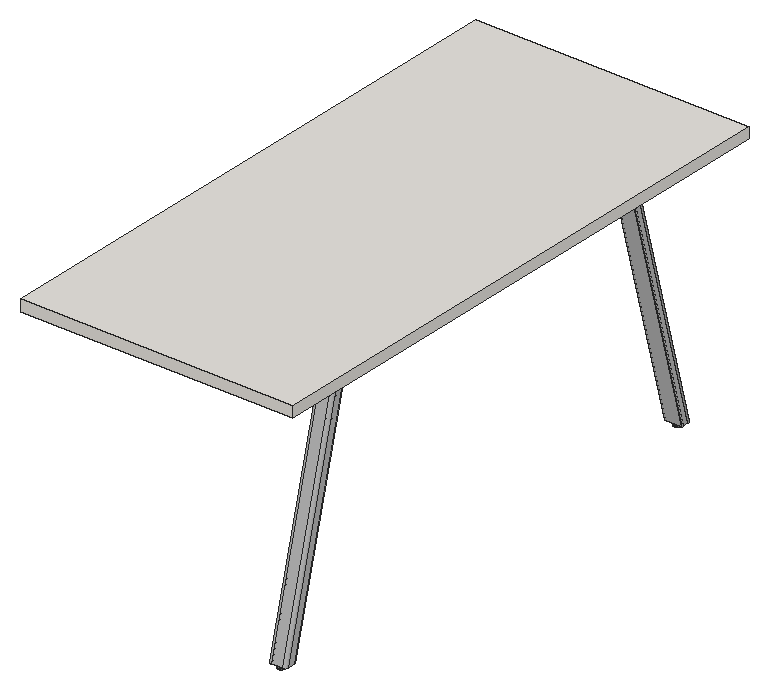
Revit family "Haworth_Intuity_Benching_BenchEnd", category Furniture Systems, Revit 2018
Family settings
  Round Connector Dimension = Use Diameter
  Part Type = Normal
  OmniClass Number = 23.40.70.14.64.21
  OmniClass Title = Systems Furniture
  Work Plane-Based = No
  Always vertical = Yes
  Cut with Voids When Loaded = No
  Shared = No
  Room Calculation Point = No
Parameters (values of type "63d 30w - Angled Leg")
  Worksurface Finish [instance] = Haworth _ Laminate _ Linen H-WL
  Width = 30"
  Warranty = "http://www.haworth.com/resources/product-info/warranties"
  URL - Product = "http://www.haworth.com/products/workspaces/benching/intuity"
  URL = "www.haworth.com"
  Top Thickness = 1 3/16"  # constant formula
  Sustainability Info = "https://www.haworth.com/company-info/sustainability"
  Straight Leg = no
  Standard Widths = "24, 30 inches"  # constant formula
  Standard Depths = "51, 63 inches"  # constant formula
  Min Width = 24"  # constant formula
  Max Width = 30"  # constant formula
  Leg Offset Width = 4 1/2"  # constant formula
  Leg Height = 28"  # constant formula
  Leg Finish [instance] = Haworth _ Paint _ Metallic Silver
  Knife Edge [instance] = not(Edgeband)  # no
  Size = "Verify Final Dim. w/ Haworth"  # constant formula
  Revision Number = "4"  # constant formula
  Model = "Haworth Intuity"  # constant formula
  Manufacturer = "Haworth"  # constant formula
  Edgeband [instance] = yes
  Description = "Haworth - Intuity Benching - Bench End"  # constant formula
  Custom Size = not(or(Width = 48", Width = 54", Width = 60"))  # yes
  Leg Offset Depth = 3 1/2"  # constant formula
  Author = "Haworth (Hampton, Alias)"  # constant formula
  Assembly Code = "E2020200"
  Angled Leg = not(Straight Leg)  # yes
  Actual Worksurface Depth = if([63 Depth], 62 13/16", 50 13/16")  # 62 13/16"
  Actual Width = if(Width > Max Width, Max Width, if(Width < Min Width, Min Width, Width))  # 30"
  Actual Height = 29 3/16"  # constant formula
  63 Depth = not([51 Depth])  # yes
  51 Depth = no
Types (8): name | Width | Straight Leg | Knife Edge | Edgeband | Angled Leg | Actual Worksurface Depth | Actual Width | 63 Depth | 51 Depth
  51d 24w - Straight Leg | 24" | yes | yes | no | no | 50 13/16" | 24" | no | yes
  51d 30w - Straight Leg | 30" | yes | yes | no | no | 50 13/16" | 30" | no | yes
  63d 24w - Straight Leg | 24" | yes | yes | no | no | 62 13/16" | 24" | yes | no
  63d 30w - Straight Leg | 30" | yes | yes | no | no | 62 13/16" | 30" | yes | no
  63d 30w - Angled Leg | 30" | no | no | yes | yes | 62 13/16" | 30" | yes | no
  63d 24w - Angled Leg | 24" | no | yes | no | yes | 62 13/16" | 24" | yes | no
  51d 30w - Angled Leg | 30" | no | yes | no | yes | 50 13/16" | 30" | no | yes
  51d 24w - Angled Leg | 24" | no | yes | no | yes | 50 13/16" | 24" | no | yes
Reference planes (in)
  plane 1: z = 0
  plane 2 "Center L/R": x = 8.5
  plane 3 "Left Edge": x = -6.5
  plane 4 "Right Edge": x = 23.5
  plane 5 "Support Top": z = 29.1875
  plane 6 "Back": y = -7.86431
  plane 7 "Front": y = -70.67681
  plane 8 "Right Leg Offset": x = 19
  plane 9 "Leg Front": y = -67.17681
  plane 10: z = 28
  plane 11 "Back Leg": y = -11.36431
  plane 12 "Center Depth": y = -39.27056
Dimensions and locks (in)
  "Actual Width": plane 3 "Left Edge" to plane 4 "Right Edge"
  equal spacing: plane 3 "Left Edge", plane 2 "Center L/R", plane 4 "Right Edge"
  "Actual Height": plane 5 "Support Top" to level
  "Actual Worksurface Depth": plane 7 "Front" to plane 6 "Back"
  "Leg Offset Width": plane 8 "Right Leg Offset" to plane 4 "Right Edge"
  "Top Thickness": plane 5 "Support Top" to plane 10
  "Leg Offset Depth": plane 6 "Back" to plane 11 "Back Leg"
  "Leg Offset Depth": plane 7 "Front" to plane 9 "Leg Front"
  equal spacing: plane 7 "Front", plane 12 "Center Depth", plane 6 "Back"
  aligned and locked: plane 2 "Center L/R" to nested 1
  aligned and locked: plane 7 "Front" to nested 1
  aligned and locked: nested 2 to plane 8 "Right Leg Offset"
  aligned and locked: plane 9 "Leg Front" to nested 2
  aligned and locked: plane 8 "Right Leg Offset" to nested 3
  aligned and locked: plane 11 "Back Leg" to nested 3
  aligned and locked: plane 1 to nested 4
  aligned and locked: nested 5 to plane 1
  aligned and locked: plane 1 to nested 2
  aligned and locked: nested 3 to plane 1
  aligned and locked: nested 5 to plane 9 "Leg Front"
  aligned and locked: nested 5 to plane 8 "Right Leg Offset"
  aligned and locked: nested 4 to plane 11 "Back Leg"
  aligned and locked: plane 8 "Right Leg Offset" to nested 4
Nested families (in)
  nested 1: "Haworth_Intuity_Worksurfaces_End_Part" at (0, -31.40625, 28), built-in parameter 1001364 <- "Leg Height", type "End"
  nested 2: "Haworth_Intuity_Bench_End_Leg_Part" at (10.5, -55.625, 0), visible <- "Straight Leg", type "Support"
  nested 3: "Haworth_Intuity_Bench_End_Leg_Part" at (10.5, -22.91612, 0), visible <- "Straight Leg", type "Support"
  nested 4: "Haworth_Intuity_AngledLeg_Part" at (27.5, -19.82807, 0) x (-1, 0, 0) z (0, 0, 1), visible <- "Angled Leg", type "Support"
  nested 5: "Haworth_Intuity_AngledLeg_Part" at (27.5, -58.71305, 0) x (-1, 0, 0) z (0, 0, 1), visible <- "Angled Leg", type "Support"
Definition of nested family "Haworth_Intuity_Worksurfaces_End_Part"
  Parameters (values of type "End")
    Warranty = "http://www.haworth.com/bottom-nav/product-info/warranty-info"
    URL - Product = "http://www.haworth.com/home/systems/benching/intuity"
    URL = "www.haworth.com"
    Knife Edge Void Length = if(Edgeband, 1", 3")  # 1"
    Knife Edge = not(Edgeband)  # no
    Finish = none
    Size = "Verify Final Dim. w/ Haworth"  # constant formula
    Revision Number = "1"  # constant formula
    Model = "Haworth_Intuity_Worksurfaces_End_Part"  # constant formula
    Manufacturer = "Haworth"  # constant formula
    Edgeband = yes
    Description = "Haworth_Intuity_Worksurfaces_End_Part"
    Author = "Haworth (Hampton)"  # constant formula
    Assembly Code = "E2020200"
    Actual Width = 30"
    Actual Height = 1 3/16"  # constant formula
    Actual Depth = 62 13/16"
  Reference planes (in)
    plane 1: z = 0
    plane 2 "Center L/R": x = 8.5
    plane 3 "Left Edge": x = -6.5
    plane 4 "Right Edge": x = 23.5
    plane 5 "Support Top": z = 1.1875
    plane 6 "Center F/B": y = -7.86431
    plane 7 "Back": y = 23.54194
    plane 8 "Front": y = -39.27056
    plane 9 "Knife Edge": y = -37.27056
    plane 10 "Knife Edge Seam": z = 0.8125
    plane 11 "Void Left": x = -9.5
    plane 12 "Void Right": x = 26.5
    plane 13 "Knife Edge Back": y = 21.54194
    plane 14 "Knife Edge Left": x = 21.5
    plane 15 "Void Back": y = 26.54194
    plane 16 "Void Front": y = -42.27056
    plane 17: through (0, 28.4791, -0.41989) normal (0, 0.3764, -0.9265)
    plane 18: through (0, 22.29469, -1.85293) normal (0, 0.3764, -0.9265)
    plane 19: through (0, -35.98762, -3.7593) normal (0, 0.3764, 0.9265)
    plane 20: through (0, -35.37943, -2.92701) normal (0, 0.3764, 0.9265)
    plane 21: through (15.31102, -180, -5.75238) normal (-0.3764, 0, 0.9265)
    plane 22: through (14.93464, -180, -4.82592) normal (-0.3764, 0, 0.9265)
  Forms (in)
    Extrusion 1, solid, material <- "Finish"
      sketch origin (0, 0, 0) x (1, 0, 0) y (0, 1, 0)
        loop
          line (-6.5, 23.54194) -> (-6.5, -39.27056) -> (23.5, -39.27056) -> (23.5, 23.54194) -> (-6.5, 23.54194)
      from 0 to 1.1875
    Extrusion 2, void
      sketch origin (-6.5, 0, 0) x (0, -1, 0) y (0, 0, 1)
        loop
          line (36.79396, -2.35236) -> (37.17034, -3.27882) -> (51.76219, 2.64912) -> (51.38581, 3.57558) -> (36.79396, -2.35236)
      from -33 to 3
    Extrusion 3, void
      sketch origin (-6.5, -15.72862, 0) x (0, 1, 0) y (0, 0, -1)
        loop
          line (44.88718, -0.93551) -> (45.26356, -0.00905) -> (42.04765, 1.29742) -> (41.67128, 0.37095) -> (44.88718, -0.93551)
      from -33 to 3
    Extrusion 4, void
      sketch origin (-11.36431, -32.61431, 0) x (1, 0, 0) y (0, 0, -1)
        loop
          line (22.12539, 6.52142) -> (48.74795, -4.29399) -> (49.12432, -3.36752) -> (22.50177, 7.44789) -> (22.12539, 6.52142)
      from -9.65625 to 59.15625
  Cuts and joins
    Extrusion 2, Extrusion 3, Extrusion 4 cuts Extrusion 1
  Lines and regions (in)
    Masking region 1
      outline origin (0, 0, 0) x (1, 0, 0) y (0, 1, 0)
        loop
          line (-6.5, 23.54194) -> (-6.5, -39.27056) -> (23.5, -39.27056) -> (23.5, 23.54194) -> (-6.5, 23.54194)
  Dimensions and locks (in)
    "Actual Width": plane 3 "Left Edge" to plane 4 "Right Edge"
    equal spacing: plane 3 "Left Edge", plane 2 "Center L/R", plane 4 "Right Edge"
    "Actual Height": plane 5 "Support Top" to level
    equal spacing: plane 8 "Front", plane 6 "Center F/B", plane 7 "Back"
    "Actual Depth": plane 8 "Front" to plane 7 "Back"
    locked: plane 8 "Front" to plane 9 "Knife Edge" at 2
    locked: plane 5 "Support Top" to plane 10 "Knife Edge Seam" at 0.375
    plane 11 "Void Left" to plane 3 "Left Edge" = 3"
    plane 4 "Right Edge" to plane 12 "Void Right" = 3"
    plane 13 "Knife Edge Back" to plane 7 "Back" = 2"
    plane 9 "Knife Edge" to plane 8 "Front" = 2"
    plane 14 "Knife Edge Left" to plane 4 "Right Edge" = 2"
    plane 15 "Void Back" to plane 7 "Back" = 3"
    plane 16 "Void Front" to plane 8 "Front" = 3"
    "Knife Edge Void Length": plane 17 to plane 18
    "Knife Edge Void Length": plane 20 to plane 19
    "Knife Edge Void Length": plane 22 to plane 21
    aligned and locked: Masking region 1 sketch curve to plane 3 "Left Edge"
    aligned and locked: Masking region 1 sketch curve to plane 4 "Right Edge"
    aligned and locked: Masking region 1 sketch curve to plane 7 "Back"
    aligned and locked: Masking region 1 sketch curve to plane 8 "Front"
    aligned and locked: Extrusion 1 sketch curve to plane 4 "Right Edge"
    aligned and locked: Extrusion 1 sketch curve to plane 3 "Left Edge"
    aligned and locked: Extrusion 1 sketch curve to plane 7 "Back"
    aligned and locked: Extrusion 1 sketch curve to plane 8 "Front"
    aligned and locked: Extrusion 1 to plane 1
    aligned and locked: plane 5 "Support Top" to Extrusion 1
    aligned and locked: cut or joined group of Extrusion 1, Extrusion 2, Extrusion 3, Extrusion 4 to plane 12 "Void Right"
    aligned and locked: plane 11 "Void Left" to Extrusion 2
    aligned and locked: Extrusion 3 to plane 11 "Void Left"
    aligned and locked: plane 12 "Void Right" to Extrusion 3
    aligned and locked: Extrusion 4 to plane 15 "Void Back"
    aligned and locked: plane 16 "Void Front" to Extrusion 4
    aligned and locked: Extrusion 3 sketch curve to plane 18
    aligned and locked: Extrusion 3 sketch curve to plane 17
    aligned and locked: Extrusion 2 sketch curve to plane 19
    aligned and locked: Extrusion 2 sketch curve to plane 20
    aligned and locked: Extrusion 4 sketch curve to plane 21
    aligned and locked: Extrusion 4 sketch curve to plane 22
  Automatic sketch dimensions
    plane 9 "Knife Edge" to Extrusion 2 sketch curve = 0.4766"
    plane 5 "Support Top" to Extrusion 2 sketch curve = 2.38808"
    level to Extrusion 3 sketch curve = 0.37095"
    Extrusion 3 sketch curve to plane 10 "Knife Edge Seam" = 0.12301"
    plane 2 "Center L/R" to Extrusion 4 sketch curve = 2.26108"
    plane 5 "Support Top" to Extrusion 4 sketch curve = 3.10649"
Definition of nested family "Haworth_Intuity_Bench_End_Leg_Part"
  Parameters (values of type "Support")
    URL = "www.haworth.com"
    Support Thickness = 2"  # constant formula
    Support Height = 28"  # constant formula
    Support Finish = none
    Size = "Verify Final Dim. w/ Haworth"  # constant formula
    Revision Number = "1"  # constant formula
    Model = "Haworth_Intuity_Bench_End_Leg_Part"  # constant formula
    Manufacturer = "Haworth"  # constant formula
    Leg Depth = 1 1/4"  # constant formula
    Description = "Haworth_Intuity_Bench_End_Leg_Part"
    Author = "Haworth (Hampton)"  # constant formula
    Assembly Code = "E2020200"
  Reference planes (in)
    plane 1: z = 0
    plane 2 "Center L/R": x = 8.5
    plane 3 "Support Left Edge": x = 7.5
    plane 4 "Support Right Edge": x = 9.5
    plane 5 "Support Top": z = 28
    plane 6 "Leg Outside": y = -11.55181
    plane 7 "Leg Inside": y = -10.30181
  Forms (in)
    Extrusion 1, solid, material <- "Support Finish"
      sketch origin (0, 0, 0) x (1, 0, 0) y (0, 1, 0)
        loop
          line (7.5, -10.30181) -> (7.5, -11.17681)
          arc (7.5, -11.17681) -> (7.60983, -11.44198) -> (7.875, -11.55181) r 0.375
          line (7.875, -11.55181) -> (9.125, -11.55181)
          arc (9.125, -11.55181) -> (9.39017, -11.44198) -> (9.5, -11.17681) r 0.375
          line (9.5, -11.17681) -> (9.5, -10.30181) -> (7.5, -10.30181)
      from 0 to 28
  Lines and regions (in)
    symbolic lines, detail levels medium+fine
      curve 1: line (7.5, -10.30181, 0) -> (9.5, -10.30181, 0)
      curve 2: line (7.5, -11.55181, 0) -> (7.5, -10.30181, 0)
      curve 3: line (9.5, -11.55181, 0) -> (7.5, -11.55181, 0)
      curve 4: line (9.5, -10.30181, 0) -> (9.5, -11.55181, 0)
  Dimensions and locks (in)
    "Support Thickness": plane 3 "Support Left Edge" to plane 4 "Support Right Edge"
    equal spacing: plane 3 "Support Left Edge", plane 2 "Center L/R", plane 4 "Support Right Edge"
    "Support Height": plane 5 "Support Top" to level
    "Leg Depth": plane 7 "Leg Inside" to plane 6 "Leg Outside"
    aligned and locked: Extrusion 1 sketch curve to plane 4 "Support Right Edge"
    aligned and locked: Extrusion 1 sketch curve to plane 3 "Support Left Edge"
    aligned and locked: Extrusion 1 sketch curve to plane 7 "Leg Inside"
    aligned and locked: plane 6 "Leg Outside" to Extrusion 1 sketch curve
    aligned and locked: Extrusion 1 to level
    aligned and locked: plane 6 "Leg Outside" to curve 3
    aligned and locked: plane 5 "Support Top" to Extrusion 1
  Automatic sketch dimensions
    plane 3 "Support Left Edge" to curve 3 = 0"
    plane 4 "Support Right Edge" to curve 3 = 0"
    Extrusion 1 sketch curve to plane 3 "Support Left Edge" = 3/8"
    Extrusion 1 sketch curve to plane 4 "Support Right Edge" = 3/8"
    plane 7 "Leg Inside" to curve 2 = 0"
Definition of nested family "Haworth_Intuity_AngledLeg_Part"
  Parameters (values of type "Support")
    URL = "www.haworth.com"
    Support Thickness = 2"  # constant formula
    Support Inset = 1/4"  # constant formula
    Support Height = 28"  # constant formula
    Support Finish = none
    Size = "Verify Final Dim. w/ Haworth"  # constant formula
    Revision Number = "1"  # constant formula
    Model = "Haworth_Intuity"  # constant formula
    Manufacturer = "Haworth"  # constant formula
    Glide Finish = none
    Description = "Haworth_Intuity_Angled Leg"
    Author = "Haworth (Alias)"  # constant formula
    Assembly Code = "E2020200"
  Reference planes (in)
    plane 1: z = 0
    plane 2 "Center L/R": x = 8.5
    plane 3 "Support Left Edge": x = 7.5
    plane 4 "Support Right Edge": x = 9.5
    plane 5 "Center F/B": y = -7.83876
    plane 6 "Front": y = -8.46376
    plane 7: z = 0.42194
    plane 8 "Plate Bottom": z = 27.764
    plane 9 "Plate Top": z = 28
    plane 10 "Back": y = 0.05187
  Forms (in)
    Revolve 1, solid, material <- "Glide Finish"
      sketch origin (0, -7.83876, 0) x (0, 0, -1) y (-1, 0, 0)
        loop
          line (-1.37795, -8.5) -> (-1.37795, -8.65748) -> (-0.19685, -8.65748) -> (-0.19685, -8.90182)
          arc (-0.19685, -8.90182) -> (-0.1877, -8.92392) -> (-0.1656, -8.93307) r 0.03125
          line (-0.1656, -8.93307) -> (-0.03125, -8.93307)
          arc (-0.03125, -8.93307) -> (-0.00915, -8.92392) -> (0, -8.90182) r 0.03125
          line (0, -8.90182) -> (0, -8.5) -> (-1.37795, -8.5)
        axis (-1.37795, -8.5) -> (0, -8.5)
      angle from 0 to 360
    Blend 2, solid, material <- "Support Finish"
      base sketch origin (0, 0, 0) x (1, 0, 0) y (0, 1, 0)
        loop
          line (9.42626, -7.23931) -> (7.57374, -7.23931)
          arc (7.57374, -7.23931) -> (7.5322, -7.25651) -> (7.515, -7.29805) r 0.05874
          line (7.515, -7.29805) -> (7.515, -8.07313)
          arc (7.515, -8.07313) -> (7.62941, -8.34935) -> (7.90562, -8.46376) r 0.39063
          line (7.90562, -8.46376) -> (9.09438, -8.46376)
          arc (9.09438, -8.46376) -> (9.37059, -8.34935) -> (9.485, -8.07313) r 0.39063
          line (9.485, -8.07313) -> (9.485, -7.29805)
          arc (9.485, -7.29805) -> (9.4678, -7.25651) -> (9.42626, -7.23931) r 0.05874
      top sketch origin (0, 0, 0) x (1, 0, 0) y (0, 1, 0)
        loop
          line (9.42626, 0.05187) -> (7.57374, 0.05187)
          arc (7.57374, 0.05187) -> (7.5322, 0.03466) -> (7.515, -0.00687) r 0.05874
          line (7.515, -0.00687) -> (7.515, -0.74746)
          arc (7.515, -0.74746) -> (7.62941, -1.02367) -> (7.90562, -1.13808) r 0.39063
          line (7.90562, -1.13808) -> (9.09438, -1.13808)
          arc (9.09438, -1.13808) -> (9.37059, -1.02367) -> (9.485, -0.74746) r 0.39063
          line (9.485, -0.74746) -> (9.485, -0.00687)
          arc (9.485, -0.00687) -> (9.4678, 0.03466) -> (9.42626, 0.05187) r 0.05874
      from 0.42194 to 27.764
    Extrusion 3, solid, material <- "Support Finish"
      sketch origin (0, 0, 0) x (1, 0, 0) y (0, 1, 0)
        loop
          arc (7.65563, 2.66349) -> (7.37941, 2.54908) -> (7.265, 2.27287) r 0.39063
          line (7.265, 2.27287) -> (7.265, -0.94588)
          arc (7.265, -0.94588) -> (7.37941, -1.2221) -> (7.65563, -1.33651) r 0.39063
          line (7.65563, -1.33651) -> (11.87437, -1.33651)
          arc (11.87437, -1.33651) -> (12.15059, -1.2221) -> (12.265, -0.94588) r 0.39063
          line (12.265, -0.94588) -> (12.265, 2.27287)
          arc (12.265, 2.27287) -> (12.15059, 2.54908) -> (11.87437, 2.66349) r 0.39063
          line (11.87437, 2.66349) -> (7.65563, 2.66349)
      from 27.764 to 28
  Lines and regions (in)
    Masking region 1, detail levels medium+fine
      outline origin (0, 0, 0) x (1, 0, 0) y (0, 1, 0)
        loop
          line (9.3294, 0.05187) -> (7.67125, 0.05187)
          arc (7.67125, 0.05187) -> (7.56076, 0.0061) -> (7.515, -0.10438) r 0.15625
          line (7.515, -0.10438) -> (7.515, -8.07313)
          arc (7.515, -8.07313) -> (7.62941, -8.34935) -> (7.90562, -8.46376) r 0.39063
          line (7.90562, -8.46376) -> (9.09438, -8.46376)
          arc (9.09438, -8.46376) -> (9.37059, -8.34935) -> (9.485, -8.07313) r 0.39063
          line (9.485, -8.07313) -> (9.485, -0.10373)
          arc (9.485, -0.10373) -> (9.43943, 0.00629) -> (9.3294, 0.05187) r 0.1556
  Dimensions and locks (in)
    "Support Thickness": plane 3 "Support Left Edge" to plane 4 "Support Right Edge"
    equal spacing: plane 3 "Support Left Edge", plane 2 "Center L/R", plane 4 "Support Right Edge"
    plane 9 "Plate Top" to plane 8 "Plate Bottom" = 0.236"
    "Support Height": plane 9 "Plate Top" to plane 1
    locked: plane 5 "Center F/B" to plane 6 "Front" at 0.625
    locked: plane 10 "Back" to plane 6 "Front" at 8.51563
    aligned and locked: Blend 2 sketch curve to plane 6 "Front"
    aligned and locked: Blend 2 to plane 7
    aligned and locked: plane 8 "Plate Bottom" to Blend 2
    aligned and locked: plane 9 "Plate Top" to Extrusion 3
    aligned and locked: Extrusion 3 to plane 8 "Plate Bottom"
  Automatic sketch dimensions
    Revolve 1 sketch curve to plane 2 "Center L/R" = 0"  (x2)
    Revolve 1 sketch curve to level = 0"
    level to Revolve 1 sketch curve = 1/32"
    Revolve 1 sketch curve to Revolve 1 sketch curve = 0.13435"
    level to Revolve 1 sketch curve = 0.19685"
    plane 2 "Center L/R" to Revolve 1 sketch curve = 0.15748"
    Revolve 1 sketch curve to Revolve 1 sketch curve = 1.1811"
    Revolve 1 sketch curve to Revolve 1 sketch curve = 0.24434"
    Revolve 1 sketch curve to Revolve 1 sketch curve = 0.68449"
    Revolve 1 sketch curve to level = 0.80407"
    Blend 2 sketch curve to plane 3 "Support Left Edge" = 0.015"  (x2)
    Blend 2 sketch curve to Blend 2 sketch curve = 0.05874"  (x2)
    Blend 2 sketch curve to plane 3 "Support Left Edge" = 0.40562"  (x2)
    Blend 2 sketch curve to plane 4 "Support Right Edge" = 0.40562"  (x2)
    Blend 2 sketch curve to plane 4 "Support Right Edge" = 0.07374"  (x2)
    Blend 2 sketch curve to plane 4 "Support Right Edge" = 0.015"  (x2)
    Blend 2 sketch curve to Blend 2 sketch curve = 0.74058"
    plane 3 "Support Left Edge" to Extrusion 3 sketch curve = 0.235"
    Extrusion 3 sketch curve to plane 3 "Support Left Edge" = 0.15563"  (x2)
    plane 4 "Support Right Edge" to Extrusion 3 sketch curve = 2.37437"  (x2)
    Extrusion 3 sketch curve to Extrusion 3 sketch curve = 25/64"
    Extrusion 3 sketch curve to Extrusion 3 sketch curve = 3 7/32"
    Masking region 1 sketch curve to plane 6 "Front" = 0"
    Masking region 1 sketch curve to plane 3 "Support Left Edge" = 0.015"
    Masking region 1 sketch curve to Masking region 1 sketch curve = 5/32"
    Masking region 1 sketch curve to plane 3 "Support Left Edge" = 0.40562"
    Masking region 1 sketch curve to plane 4 "Support Right Edge" = 0.40562"
    Masking region 1 sketch curve to plane 4 "Support Right Edge" = 0.1706"
    Masking region 1 sketch curve to plane 4 "Support Right Edge" = 0.015"
    Masking region 1 sketch curve to plane 10 "Back" = 0"
    plane 5 "Center F/B" to Blend 2 sketch curve = 0.54071"
    Blend 2 sketch curve to plane 10 "Back" = 0"
    Extrusion 3 sketch curve to plane 10 "Back" = 1.38837"
